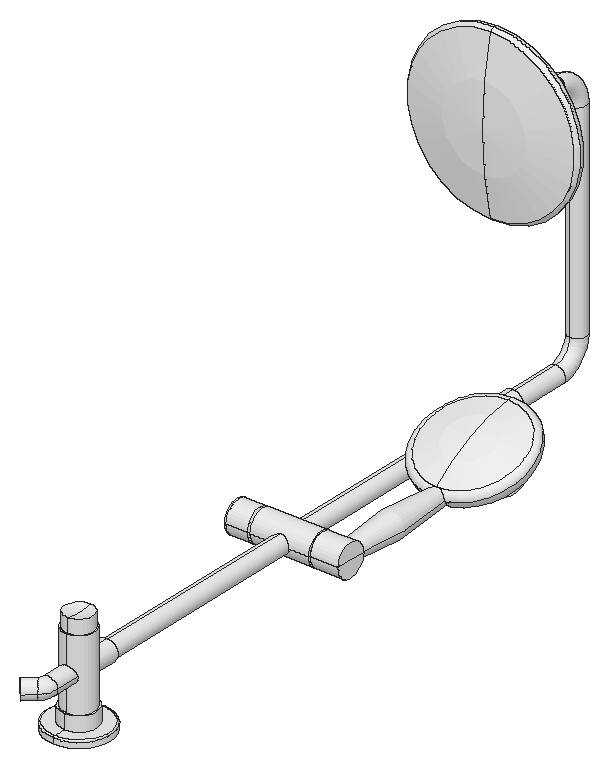
Revit family "Shower_Kit-American_Standard-Spectra_Versa-903X804_Series", category Plumbing Fixtures, host Face, Revit 2014
Parameters (values of type "9035804.002")
  Width = 5 7/16"  # constant formula
  Water Connection Diameter = 1/2"  # constant formula
  Waste Connection = no
  WFU = 4  # constant formula
  Vent Connection = no
  URL = "https://www.americanstandard-us.com/"
  Type Comments = ""
  Product Page URL = ""
  Product Documentation Link = ""
  Price = "Prices may vary. Please consult Manufacturer Representative for most up-to-date price list."  # constant formula
  Model = "9035804.002"
  Material = "Metal-American Standard-002-Polished Chrome"
  Manufacturer = "American Standard"
  Length = 14 7/8"  # constant formula
  Installation Type = "Wall Mounted"
  Hot Water Connection Radius = 1/4"  # constant formula
  Hot Water Connection Diameter = Hot Water Connection Radius * 2  # 1/2"
  Height = 29 15/16"  # constant formula
  HWFU = 3  # constant formula
  HW Connection = yes
  Flow Rate = " "
  Finish = Metal-American Standard-002-Polished Chrome
  Description = "Spectra Versa™ Shower System Kit"  # constant formula
  Default Elevation = 44"  # constant formula
  Creation Date = "08/14/2019"  # constant formula
  Cold Water Connection Radius = 1/4"  # constant formula
  Cold Water Connection Diameter = Cold Water Connection Radius * 2  # 1/2"
  CWFU = 3  # constant formula
  CW Connection = yes
  Bar Height = 24"  # constant formula
  Assembly Code = "D2020300"
  ADA Compliant = yes
Types (3): name | Model
  (no name) | "9035804.002"
  9035804.002 | "9035804.002"
  9038804.002 | "9038804.002"
Reference planes (in)
  plane 1 "Center (Front/Back)": y = 0
  plane 2: z = 0
  plane 3 "Center (Left/Right)": x = 0
  plane 4: y = 29.9375
  plane 5: y = 24
  plane 6: y = 13.3482
  plane 7: y = 11.8482
  plane 8: y = -2.9375
  plane 9: z = 14.875
  plane 10: y = 23.875
Forms (in)
  Revolve 1, solid, material "Metal-American Standard-002-Polished Chrome" <- "Finish"
    sketch origin (0, 0, 0) x (0, 1, 0) y (0, 0, 1)
      loop
        line (0, 0) -> (1.5, 0) -> (1.5, 0.25165)
        arc (1.5, 0.25165) -> (1.48134, 0.29669) -> (1.4363, 0.31535) r 0.0637
        line (1.4363, 0.31535) -> (0.83553, 0.31535) -> (0.83553, 0.99518) -> (0.73966, 0.99518) -> (0.73966, 4.342) -> (0.66122, 4.342) -> (0.66122, 4.99568)
        arc (0.66122, 4.99568) -> (0.33347, 4.9304) -> (0, 4.90852) r 2.55173
        line (0, 4.90852) -> (0, 0)
      axis (0, 4.99568) -> (0, 0)
    angle from 0 to 360
  Revolve 2, solid, material "Metal-American Standard-002-Polished Chrome" <- "Finish"
    sketch origin (0, 0, 0) x (0, 1, 0) y (0, 0, 1)
      loop
        line (24, 0) -> (25.5, 0) -> (25.5, 0.18627)
        arc (25.5, 0.18627) -> (25.48133, 0.23133) -> (25.43627, 0.25) r 0.06373
        line (25.43627, 0.25) -> (24.5, 0.25) -> (24.5, 1.33906) -> (24.43591, 1.33906) -> (24.43591, 2.58906) -> (24, 2.58906) -> (24, 0)
      axis (24, 2.58906) -> (24, 0)
    angle from 0 to 360
  Revolve 3, solid, material "Metal-American Standard-002-Polished Chrome" <- "Finish"
    sketch origin (0, 0, 0) x (0, 1, 0) y (0, 0, 1)
      loop
        line (0, 2.08914) -> (1.6762, 2.08914) -> (1.6762, 2.16937) -> (23.1762, 2.16937) -> (23.1762, 2.07426) -> (25.6762, 2.07426) -> (25.6762, 2.58906) -> (0, 2.58906) -> (0, 2.08914)
      axis (25.6762, 2.58906) -> (0, 2.58906)
    angle from 0 to 360
  Sweep 4, solid, material "Metal-American Standard-002-Polished Chrome" <- "Finish"
    path origin (0, 0, 0) x (0, 1, 0) y (0, 0, 1)
      loop
        line (25.6762, 2.58906) -> (28.25, 2.58906)
        arc (28.25, 2.58906) -> (29.13388, 2.95517) -> (29.5, 3.83906) r 1.25
        line (29.5, 3.83906) -> (29.5, 13.625)
        arc (29.5, 13.625) -> (29.13388, 14.50888) -> (28.25, 14.875) r 1.25
        line (28.25, 14.875) -> (27.90625, 14.875)
    profile origin (0, 26.9631, 2.58906) x (0, 0, 1) y (1, 0, 0)
      loop
        circle (0, 0) r 0.41968
  Revolve 5, solid, material "Metal-American Standard-002-Polished Chrome" <- "Finish"
    sketch origin (0, 0, 2.58906) x (1, 0, 0) y (0, 1, 0)
      loop
        line (1.41485, 13.3482) -> (-1.36158, 13.3482) -> (-1.41957, 13.18886) -> (-1.49387, 13.3482) -> (-2.50233, 13.3482)
        arc (-2.50233, 13.3482) -> (-2.59931, 13.30803) -> (-2.63948, 13.21105) r 0.13714
        line (-2.63948, 13.21105) -> (-2.63948, 12.5982) -> (2.79802, 12.5982) -> (2.79802, 13.3482) -> (1.48605, 13.3482) -> (1.48605, 13.29111) -> (1.41485, 13.29111) -> (1.41485, 13.3482)
      axis (2.79802, 12.5982) -> (-2.63948, 12.5982)
    angle from 0 to 360
  Sweep 6, solid, material "Metal-American Standard-002-Polished Chrome" <- "Finish"
    path origin (0, 0, 0) x (1, 0, 0) y (0, 1, 0)
      loop
        line (0.41968, 0) -> (0.41968, -1.80532)
        arc (0.41968, -1.80532) -> (0.33458, -2.19727) -> (0.0946, -2.51865) r 0.94517
        line (0.0946, -2.51865) -> (-0.38723, -2.9375)
    profile origin (0.41968, -0.90266, 0) x (1, 0, 0) y (0, 0, 1)
      loop
        circle (-0.41968, 2.58906) r 0.41968
  Revolve 7, solid, material "Metal-American Standard-002-Polished Chrome" <- "Finish"
    sketch origin (0, 0, 2.58906) x (1, 0, 0) y (0, 1, 0)
      loop
        line (1.95202, 12.10339) -> (2.30335, 12.10339) -> (2.30335, 19.10339) -> (1.93086, 19.10339)
        arc (1.93086, 19.10339) -> (1.66305, 15.60255) -> (1.95202, 12.10339) r 22.14089
      axis (2.30335, 19.10339) -> (2.30335, 12.10339)
    angle from 0 to 360
  Revolve 8, solid, material "Metal-American Standard-002-Polished Chrome" <- "Finish"
    sketch origin (2.28125, 0.0625, 0) x (0, 1, 0) y (0, 0, 1)
      loop
        arc (22.93576, 4.67042) -> (22.76171, 4.80995) -> (22.5387, 4.81494) r 0.34758
        arc (22.5387, 4.81494) -> (21.37835, 4.60878) -> (20.2619, 4.23136) r 7.85581
        line (20.2619, 4.23136) -> (21.04399, 2.38706)
        arc (21.04399, 2.38706) -> (22.00138, 2.9545) -> (22.77438, 3.75515) r 4.16621
        arc (22.77438, 3.75515) -> (22.96206, 4.19392) -> (22.93576, 4.67042) r 1.04814
      axis (20.2619, 4.23136) -> (21.04399, 2.38706)
    angle from 0 to 360
  Extrusion 9, solid, material "Metal-American Standard-002-Polished Chrome" <- "Finish"
    sketch origin (0, 0, 0) x (1, 0, 0) y (0, 1, 0)
      loop
        circle (-0.34872, 0) r 0.25
      loop
        circle (0.34872, 0) r 0.25
    from 0 to 0.0625
  Revolve 10, solid, material "Metal-American Standard-002-Polished Chrome" <- "Finish"
    sketch origin (0, -2.03125, 0) x (0, 1, 0) y (0, 0, 1)
      loop
        line (29.9375, 15.28981) -> (29.15986, 15.28981) -> (29.15986, 15.37687) -> (28.65986, 15.37687) -> (28.65986, 15.28981) -> (28.40986, 15.28981) -> (28.40986, 15.53981)
        arc (28.40986, 15.53981) -> (27.83923, 15.91119) -> (27.55088, 16.52796) r 1.23935
        arc (27.55088, 16.52796) -> (27.29726, 17.69205) -> (26.91639, 18.82094) r 10.75045
        arc (26.91639, 18.82094) -> (26.79992, 18.93608) -> (26.64197, 18.97937) r 0.3233
        arc (26.64197, 18.97937) -> (26.52813, 18.9187) -> (26.42734, 18.83819) r 0.70047
        arc (26.42734, 18.83819) -> (26.06042, 16.87167) -> (25.9375, 14.875) r 16.27749
        line (25.9375, 14.875) -> (29.9375, 14.875) -> (29.9375, 15.28981)
      axis (29.9375, 14.875) -> (25.9375, 14.875)
    angle from 0 to 360
Lines and regions (in)
  Masking region 1
    outline origin (0, 0, 0) x (1, 0, 0) y (0, 0, 1)
      loop
        line (1.5, 0) -> (1.5, 0.25947)
        arc (1.5, 0.25947) -> (1.48363, 0.29898) -> (1.44411, 0.31535) r 0.05589
        line (1.44411, 0.31535) -> (0.83553, 0.31535) -> (0.83553, 0.99518) -> (0.73966, 0.99518) -> (0.73966, 1.83906) -> (1.41485, 1.83906) -> (1.41485, 1.89615) -> (1.48605, 1.89615) -> (1.48605, 1.83906) -> (2.79802, 1.83906) -> (2.79802, 2.08906)
        arc (2.79802, 2.08906) -> (3.11692, 2.15416) -> (3.4346, 2.22498) r 18.12058
        arc (3.4346, 2.22498) -> (4.07066, 2.47605) -> (4.60612, 2.90135) r 2.32424
        arc (4.60612, 2.90135) -> (4.82655, 3.24682) -> (4.90796, 3.64845) r 1.12007
        arc (4.90796, 3.64845) -> (4.87373, 3.85213) -> (4.76903, 4.03017) r 0.56887
        arc (4.76903, 4.03017) -> (4.37947, 4.36929) -> (3.91122, 4.58724) r 1.84621
        arc (3.91122, 4.58724) -> (2.28622, 4.82891) -> (0.66122, 4.58724) r 5.58403
        line (0.66122, 4.58724) -> (0.66122, 4.99568) -> (0.42316, 4.99568) -> (0.42316, 10.79694)
        arc (0.42316, 10.79694) -> (0, 18.97496) -> (-0.42316, 10.79694) r 4.09996
        line (-0.42316, 10.79694) -> (-0.42316, 4.99568) -> (-0.66122, 4.99568) -> (-0.66122, 4.342) -> (-0.73966, 4.342) -> (-0.73966, 3.33906) -> (-1.36158, 3.33906) -> (-1.41957, 3.17972) -> (-1.49387, 3.33906) -> (-2.50338, 3.33906)
        arc (-2.50338, 3.33906) -> (-2.59875, 3.29955) -> (-2.63826, 3.20417) r 0.13488
        line (-2.63826, 3.20417) -> (-2.63826, 1.97557)
        arc (-2.63826, 1.97557) -> (-2.59828, 1.87904) -> (-2.50174, 1.83906) r 0.13652
        line (-2.50174, 1.83906) -> (-1.49387, 1.83906) -> (-1.41957, 1.9984) -> (-1.36158, 1.83906) -> (-0.73966, 1.83906) -> (-0.73966, 0.99518) -> (-0.83553, 0.99518) -> (-0.83553, 0.31535) -> (-1.44411, 0.31535)
        arc (-1.44411, 0.31535) -> (-1.48363, 0.29898) -> (-1.5, 0.25947) r 0.05589
        line (-1.5, 0.25947) -> (-1.5, 0) -> (1.5, 0)
  symbolic lines, detail levels medium+fine
    curve 1: line (0.43591, 0, 1.33906) -> (0.43591, 0, 2.31519)
    curve 2: line (0.43591, 0, 1.33906) -> (0.5, 0, 1.33906)
    curve 3: line (0.5, 0, 1.33906) -> (0.5, 0, 0.25)
    curve 4: line (0.5, 0, 0.25) -> (1.5, 0, 0.25)
    curve 5: line (0.41968, 0, 2.88718) -> (0.41968, 0, 4.99568)
    curve 6: arc (0.43591, 0, 2.31519) -> (0.51459, 0, 2.60365) -> (0.41968, 0, 2.88718) r 0.5148
    curve 7: line (-0.43591, 0, 1.33906) -> (-0.43591, 0, 2.31519)
    curve 8: line (-0.43591, 0, 1.33906) -> (-0.5, 0, 1.33906)
    curve 9: line (-0.5, 0, 1.33906) -> (-0.5, 0, 0.25)
    curve 10: line (-0.5, 0, 0.25) -> (-1.5, 0, 0.25)
    curve 11: line (-0.41968, 0, 2.88718) -> (-0.41968, 0, 4.99568)
    curve 12: arc (-0.43591, 0, 2.31519) -> (-0.51459, 0, 2.60365) -> (-0.41968, 0, 2.88718) r 0.5148
    curve 13: arc (0.66122, 0, 4.58724) -> (0.54011, 0, 4.54423) -> (0.41968, 0, 4.49933) r 8.20338
    curve 14: arc (2.79802, 0, 2.08906) -> (2.74517, 0, 2.08267) -> (2.69223, 0, 2.07697) r 4.09924
    curve 15: arc (2.69223, 0, 2.07697) -> (2.30852, 0, 1.94761) -> (1.92308, 0, 2.07174) r 0.64682
    curve 17: arc (1.92308, 0, 2.07174) -> (1.19335, 0, 2.20281) -> (0.49917, 0, 2.46317) r 4.09924
  symbolic lines, detail levels fine
    curve 16: arc (2.69223, 0, 2.07697) -> (2.30778, 0, 2.05628) -> (1.92308, 0, 2.07174) r 4.09924
    curve 18: line (-0.73966, 0, 3.33906) -> (-0.41968, 0, 3.33906)
    curve 19: line (-0.73966, 0, 1.83906) -> (-0.43591, 0, 1.83906)
    curve 20: line (0.73966, 0, 1.83906) -> (0.43591, 0, 1.83906)
    curve 21: line (0.83553, 0, 0.31535) -> (0.5, 0, 0.31535)
    curve 22: line (0.73966, 0, 0.99518) -> (0.5, 0, 0.99518)
    curve 23: line (0.43591, 0, 1.33906) -> (-0.43591, 0, 1.33906)
    curve 24: line (0.5, 0, 0.25) -> (-0.5, 0, 0.25)
    curve 25: line (-1.41957, 0, 1.9984) -> (-1.41957, 0, 3.17972)
    curve 26: line (-1.36158, 0, 3.33906) -> (-1.36158, 0, 1.83906)
    curve 27: line (-1.49387, 0, 1.83906) -> (-1.49387, 0, 3.33906)
    curve 28: line (1.41485, 0, 1.89615) -> (1.41485, 0, 2.1485)
    curve 29: line (1.48605, 0, 1.89615) -> (1.48605, 0, 2.13379)
    curve 30: line (-0.66122, 0, 4.342) -> (-0.41968, 0, 4.342)
    curve 31: line (0.41968, 0, 2.88718) -> (0.41968, 0, 2.58906)
    curve 32: line (-0.41968, 0, 2.88718) -> (-0.41968, 0, 2.58906)
    curve 33: arc (-0.41968, 0, 2.58906) -> (0, 0, 2.16937) -> (0.41968, 0, 2.58906) r 0.41968
    curve 34: arc (0.43591, 0, 2.31519) -> (0, 0, 2.07426) -> (-0.43591, 0, 2.31519) r 0.5148
    curve 35: line (0.42316, 0, 5.76904) -> (0.42316, 0, 6.58896)
    curve 36: line (-0.42316, 0, 5.76904) -> (-0.42316, 0, 6.58896)
    curve 37: line (0.42316, 0, 10.79694) -> (0.42316, 0, 14.87395)
    curve 38: line (-0.42316, 0, 10.79694) -> (-0.42316, 0, 14.87395)
    curve 39: arc (-0.42316, 0, 14.87395) -> (0, 0, 15.29712) -> (0.42316, 0, 14.87395) r 0.42316
    curve 40: arc (0.42316, 0, 14.60517) -> (0, 0, 15.37687) -> (-0.42316, 0, 14.60517) r 0.50187
    curve 41: arc (-0.42316, 0, 14.36226) -> (0, 0, 15.53981) -> (0.42316, 0, 14.36226) r 0.66481
Dimensions and locks (in)
  "Bar Height": plane 5 to plane 1 "Center (Front/Back)"
  "Height": plane 4 to plane 1 "Center (Front/Back)"
  locked: Revolve 1 sketch curve to plane 1 "Center (Front/Back)" at 0.66122
  locked: Revolve 1 sketch curve to plane 1 "Center (Front/Back)" at 0.73966
  locked: Revolve 1 sketch curve to plane 1 "Center (Front/Back)" at 0.83553
  locked: Revolve 1 sketch curve to plane 1 "Center (Front/Back)" at 1.5
  locked: Revolve 2 sketch curve to plane 5 at 1.5
  locked: Revolve 2 sketch curve to plane 5 at 0.5
  locked: Revolve 2 sketch curve to plane 5 at 0.43591
  locked: Revolve 2 sketch curve to level at 2.58906
  locked: Revolve 2 sketch curve to level at 1.33906
  locked: Revolve 2 sketch curve to level at 0.25
  locked: Revolve 3 sketch curve to Revolve 3 sketch curve at 0.5148
  locked: Revolve 3 sketch curve to Revolve 3 sketch curve at 0.41968
  locked: Revolve 3 sketch curve to Revolve 3 sketch curve at 0.49991
  locked: plane 5 to Revolve 3 sketch curve at 0.8238
  locked: Revolve 3 sketch curve to Revolve 3 sketch curve at 2.5
  locked: Revolve 3 sketch curve to plane 1 "Center (Front/Back)" at 1.6762
  locked: plane 1 "Center (Front/Back)" to plane 6 at 13.3482
  locked: plane 7 to plane 6 at 1.5
  locked: plane 6 to Revolve 5 sketch curve at 0.05709
  locked: plane 6 to Revolve 5 sketch curve at 0.75
  locked: plane 8 to plane 1 "Center (Front/Back)" at 2.9375
  locked: plane 3 "Center (Left/Right)" to Sweep 6 sketch curve at 0.41968
  locked: Sweep 6 sketch curve to plane 3 "Center (Left/Right)" at 0.38723
  locked: plane 3 "Center (Left/Right)" to Sweep 6 sketch curve at 0.0946
  locked: plane 8 to Sweep 6 sketch curve at 0.41885
  locked: Revolve 8 sketch curve to plane 1 "Center (Front/Back)" at 20.3244
  locked: Revolve 8 sketch curve to plane 1 "Center (Front/Back)" at 22.6012
  locked: Revolve 8 sketch curve to plane 1 "Center (Front/Back)" at 22.99826
  Revolve 8 sketch curve to plane 1 "Center (Front/Back)" = 22.83688"
  locked: Revolve 8 sketch curve to plane 1 "Center (Front/Back)" at 21.10649
  locked: plane 9 to level at 14.875
  radius of Sweep 6 sketch curve = 0.94517"
  aligned and locked: plane 2 to host face
  aligned and locked: level to host face
  aligned and locked: plane 1 "Center (Front/Back)" to Revolve 1 sketch curve
  aligned and locked: Revolve 1 sketch curve to plane 1 "Center (Front/Back)"
  aligned and locked: level to Revolve 1 sketch curve
  aligned and locked: plane 5 to Revolve 2 sketch curve
  aligned and locked: level to Revolve 2 sketch curve
  aligned and locked: Revolve 2 sketch curve to plane 5
  aligned and locked: Revolve 3 sketch curve to Revolve 2
  aligned and locked: Revolve 3 sketch curve to plane 1 "Center (Front/Back)"
  aligned and locked: Revolve 3 sketch curve to Revolve 3 sketch curve
  aligned and locked: Revolve 3 to Sweep 4 sketch curve
  aligned and locked: Revolve 2 to Sweep 4 sketch curve
  aligned and locked: Sweep 4 sketch curve to Revolve 3
  aligned and locked: Revolve 5 sketch curve to Revolve 5 sketch curve
  aligned and locked: Revolve 5 to Revolve 2
  aligned and locked: plane 6 to Revolve 5 sketch curve  (x3)
  aligned and locked: plane 1 "Center (Front/Back)" to Sweep 6 sketch curve
  aligned and locked: plane 8 to Sweep 6 sketch curve
  aligned and locked: Sweep 6 sketch curve to Sweep 4
  aligned and locked: Revolve 8 sketch curve to Revolve 8 sketch curve
  aligned and locked: Revolve 10 sketch curve to Revolve 10 sketch curve
Automatic sketch dimensions
  host sketch curve to host sketch curve = 95.39829"
  host sketch curve to host sketch curve = 96"
  Revolve 1 sketch curve to Revolve 1 sketch curve = 0.0637"
  level to Revolve 1 sketch curve = 0.25165"
  Revolve 1 sketch curve to Revolve 1 sketch curve = 0.67982"
  Revolve 1 sketch curve to Revolve 1 sketch curve = 0.56652"
  Revolve 1 sketch curve to Revolve 1 sketch curve = 0.65368"
  Revolve 1 sketch curve to Revolve 1 sketch curve = 0.38175"
  Revolve 1 sketch curve to Revolve 1 sketch curve = 1"
  Revolve 2 sketch curve to Revolve 2 sketch curve = 0.06373"
  Revolve 2 sketch curve to Revolve 2 sketch curve = 1/2"
  Revolve 2 sketch curve to Revolve 2 sketch curve = 1/4"
  plane 7 to Revolve 3 sketch curve = 2.0982"
  Revolve 3 sketch curve to plane 7 = 0.4018"
  Revolve 5 sketch curve to plane 3 "Center (Left/Right)" = 2.63948"
  Revolve 5 sketch curve to Revolve 5 sketch curve = 0.13714"
  Revolve 5 sketch curve to Revolve 5 sketch curve = 1.00846"
  Revolve 5 sketch curve to plane 6 = 0.15934"
  Revolve 5 sketch curve to Revolve 5 sketch curve = 0.0743"
  Revolve 5 sketch curve to Revolve 5 sketch curve = 0.1323"
  plane 3 "Center (Left/Right)" to Revolve 5 sketch curve = 1.41485"
  Revolve 5 sketch curve to Revolve 5 sketch curve = 0.0712"
  Revolve 5 sketch curve to Revolve 5 sketch curve = 1.31197"
  Revolve 5 sketch curve to Revolve 5 sketch curve = 0.60757"
  Revolve 5 sketch curve to Revolve 5 sketch curve = 0.27543"
  plane 3 "Center (Left/Right)" to Revolve 7 sketch curve = 1.93086"
  Revolve 7 sketch curve to plane 7 = 0.25519"
  plane 3 "Center (Left/Right)" to Revolve 7 sketch curve = 1.95202"
  Revolve 7 sketch curve to Revolve 7 sketch curve = 0.37248"
  plane 6 to Revolve 7 sketch curve = 2.32127"
  Revolve 7 sketch curve to Revolve 7 sketch curve = 21.50049"
  plane 3 "Center (Left/Right)" to Revolve 7 sketch curve = 2.30335"
  Revolve 7 sketch curve to Revolve 7 sketch curve = 2 1/2"
  Revolve 7 sketch curve to Revolve 7 sketch curve = 1"
  Revolve 8 sketch curve to Revolve 8 sketch curve = 0.84442"
  Revolve 8 sketch curve to Revolve 8 sketch curve = 0.60886"
  Revolve 8 sketch curve to Revolve 8 sketch curve = 0.10414"
  Revolve 8 sketch curve to plane 10 = 0.48364"
  Revolve 8 sketch curve to Revolve 8 sketch curve = 0.1074"
  Revolve 8 sketch curve to level = 3.00103"
  plane 1 "Center (Front/Back)" to Extrusion 9 sketch curve = 0"  (x2)
  Extrusion 9 sketch curve to plane 3 "Center (Left/Right)" = 0.34872"
  plane 3 "Center (Left/Right)" to Extrusion 9 sketch curve = 0.34872"
  Revolve 10 sketch curve to plane 9 = 0"  (x2)
  Revolve 10 sketch curve to plane 9 = 0.04997"
  plane 6 to Revolve 10 sketch curve = 1.55672"
  plane 10 to Revolve 10 sketch curve = 1/32"
  plane 5 to Revolve 10 sketch curve = 0.60702"
  Revolve 10 sketch curve to Revolve 10 sketch curve = 0.27481"
  plane 9 to Revolve 10 sketch curve = 0.66481"
  Revolve 10 sketch curve to Revolve 10 sketch curve = 1/4"
  Revolve 10 sketch curve to Revolve 10 sketch curve = 0.36472"
  Revolve 10 sketch curve to Revolve 10 sketch curve = 1/2"
  Revolve 10 sketch curve to Revolve 10 sketch curve = 0.77764"
  Revolve 10 sketch curve to Revolve 10 sketch curve = 0.41481"
  Revolve 10 sketch curve to Revolve 10 sketch curve = 0.08706"
  Revolve 10 sketch curve to Revolve 10 sketch curve = 1.18447"
  Revolve 10 sketch curve to Revolve 10 sketch curve = 1.60922"
  Revolve 10 sketch curve to Revolve 10 sketch curve = 0.32259"
  Revolve 10 sketch curve to plane 10 = 3.24639"
  Revolve 10 sketch curve to Revolve 10 sketch curve = 1"
  Revolve 10 sketch curve to Revolve 10 sketch curve = 27/128"
  Revolve 10 sketch curve to Revolve 10 sketch curve = 0.21463"
  Revolve 10 sketch curve to Revolve 10 sketch curve = 0.27442"
  Revolve 10 sketch curve to Revolve 10 sketch curve = 1.2237"
  Revolve 10 sketch curve to Revolve 10 sketch curve = 0"
  Sweep 4 sketch curve to plane 9 = 0"
  Sweep 4 sketch curve to plane 4 = 7/16"
  Sweep 4 sketch curve to Sweep 4 sketch curve = 1 1/4"
  Sweep 4 sketch curve to plane 4 = 1 11/16"
  Sweep 4 sketch curve to Sweep 4 sketch curve = 11/32"
  Revolve 1 sketch curve to Revolve 1 sketch curve = 3.34682"
  level to Revolve 8 sketch curve = 2.38706"
  Revolve 8 sketch curve to Revolve 8 sketch curve = 1.84431"
  Revolve 8 sketch curve to Revolve 8 sketch curve = 0.43901"
  Revolve 8 sketch curve to Revolve 8 sketch curve = 0"
  Revolve 8 sketch curve to Revolve 8 sketch curve = 0.25266"
  Masking region 1 sketch curve to level = 0"
  Masking region 1 sketch curve to plane 3 "Center (Left/Right)" = 0"
  Masking region 1 sketch curve to plane 9 = 0"
  Masking region 1 sketch curve to plane 3 "Center (Left/Right)" = 0.42316"
  Masking region 1 sketch curve to plane 3 "Center (Left/Right)" = 0.66122"
  Masking region 1 sketch curve to plane 3 "Center (Left/Right)" = 0.6668"
  Masking region 1 sketch curve to plane 3 "Center (Left/Right)" = 0.73966"  (x2)
  level to Masking region 1 sketch curve = 0.31535"  (x2)
  Masking region 1 sketch curve to Masking region 1 sketch curve = 0.09587"  (x2)
  Masking region 1 sketch curve to Masking region 1 sketch curve = 0.62192"  (x2)
  Masking region 1 sketch curve to Masking region 1 sketch curve = 0.058"  (x2)
  Masking region 1 sketch curve to Masking region 1 sketch curve = 0.60859"  (x2)
  Masking region 1 sketch curve to Masking region 1 sketch curve = 0.1323"  (x2)
  Masking region 1 sketch curve to Masking region 1 sketch curve = 0.05589"  (x2)
  Masking region 1 sketch curve to Masking region 1 sketch curve = 1.00787"
  Masking region 1 sketch curve to Masking region 1 sketch curve = 1.0095"
  Masking region 1 sketch curve to Masking region 1 sketch curve = 0.13488"
  plane 3 "Center (Left/Right)" to Masking region 1 sketch curve = 0.42316"
  Masking region 1 sketch curve to Masking region 1 sketch curve = 0.23805"
  plane 3 "Center (Left/Right)" to Masking region 1 sketch curve = 0.73966"
  Masking region 1 sketch curve to Masking region 1 sketch curve = 0.67519"
  Masking region 1 sketch curve to Masking region 1 sketch curve = 0.0712"
  Masking region 1 sketch curve to Masking region 1 sketch curve = 0.78622"
  Masking region 1 sketch curve to Masking region 1 sketch curve = 1.31197"
  Masking region 1 sketch curve to Masking region 1 sketch curve = 2.24732"
  Masking region 1 sketch curve to Masking region 1 sketch curve = 0.57593"
  Masking region 1 sketch curve to Masking region 1 sketch curve = 0.41408"
  Masking region 1 sketch curve to Masking region 1 sketch curve = 0.55113"
  Masking region 1 sketch curve to level = 0.75511"
  Masking region 1 sketch curve to Masking region 1 sketch curve = 0.67982"  (x2)
  Masking region 1 sketch curve to Masking region 1 sketch curve = 0.84388"  (x2)
  Masking region 1 sketch curve to Masking region 1 sketch curve = 0"  (x8)
  Masking region 1 sketch curve to Masking region 1 sketch curve = 0.05709"
  Masking region 1 sketch curve to Masking region 1 sketch curve = 0.15934"
  Masking region 1 sketch curve to Masking region 1 sketch curve = 1/4"
  Masking region 1 sketch curve to Masking region 1 sketch curve = 0.73187"
  Masking region 1 sketch curve to Masking region 1 sketch curve = 1.18132"
  Masking region 1 sketch curve to Masking region 1 sketch curve = 0.02446"
  Masking region 1 sketch curve to Masking region 1 sketch curve = 0.83664"
  Masking region 1 sketch curve to Masking region 1 sketch curve = 0.00883"
  Masking region 1 sketch curve to Masking region 1 sketch curve = 1.00294"
  Masking region 1 sketch curve to Masking region 1 sketch curve = 0.82249"
  Masking region 1 sketch curve to Masking region 1 sketch curve = 0.24524"
  Masking region 1 sketch curve to Masking region 1 sketch curve = 0.40844"
  Masking region 1 sketch curve to Masking region 1 sketch curve = 0.65368"
  plane 9 to Masking region 1 sketch curve = 5.0003"
  curve 6 to curve 12 = 0"
  curve 6 to curve 33 = 0"
  curve 6 to curve 34 = 0"  (x2)
  curve 12 to curve 33 = 0"
  curve 14 to curve 16 = 0"  (x2)
  curve 14 to curve 17 = 0"  (x2)
  curve 33 to curve 34 = 0"
  curve 40 to curve 41 = 0"  (x2)
  curve 6 to plane 3 "Center (Left/Right)" = 0"
  curve 39 to plane 3 "Center (Left/Right)" = 0"
  curve 40 to plane 3 "Center (Left/Right)" = 0"
  curve 40 to plane 9 = 0"
  curve 32 to plane 3 "Center (Left/Right)" = 0.41968"
  curve 38 to plane 9 = 0.00105"
  curve 38 to curve 39 = 0.42316"
  curve 23 to plane 3 "Center (Left/Right)" = 0.43591"
  level to curve 10 = 1/4"
  curve 10 to plane 3 "Center (Left/Right)" = 1/2"
  plane 3 "Center (Left/Right)" to curve 2 = 0.43591"
  plane 3 "Center (Left/Right)" to curve 3 = 1/2"
  curve 5 to curve 14 = 1.86023"
  curve 31 to curve 15 = 1.88444"
  plane 3 "Center (Left/Right)" to curve 13 = 3.34583"
  curve 13 to level = 3.16442"
  curve 9 to curve 7 = 1.08906"
  curve 1 to curve 1 = 0.97614"
  curve 1 to curve 31 = 0.27386"
  curve 31 to curve 15 = 0.00536"
  curve 15 to curve 17 = 3.56101"
  curve 36 to plane 3 "Center (Left/Right)" = 0.42316"
  curve 30 to curve 30 = 0.24153"
  curve 18 to curve 18 = 0.31997"
  curve 19 to curve 19 = 0.30375"
  curve 26 to curve 19 = 0.62192"
  curve 25 to curve 26 = 0.058"
  curve 27 to curve 26 = 0.1323"
  curve 10 to curve 9 = 1"
  plane 3 "Center (Left/Right)" to curve 35 = 0.42316"
  curve 33 to curve 17 = 0.07948"
  curve 13 to curve 13 = 0.24153"
  curve 22 to curve 22 = 0.23966"
  curve 20 to curve 20 = 0.30375"
  curve 21 to curve 21 = 0.33553"
  curve 20 to curve 28 = 0.67519"
  curve 28 to curve 29 = 0.0712"
  curve 21 to curve 4 = 0.66447"
  curve 29 to curve 16 = 0.43703"
  curve 15 to curve 14 = 0.10579"
  curve 3 to curve 21 = 0.06535"
  curve 22 to curve 2 = 0.34388"
  curve 8 to curve 27 = 1/2"
  curve 8 to curve 19 = 1/2"
  curve 20 to curve 6 = 0.47614"
  curve 26 to curve 27 = 0"
  curve 29 to curve 29 = 0.23764"
  curve 28 to curve 29 = 0"
  curve 26 to curve 25 = 0.15934"
  curve 12 to curve 25 = 0.29253"
  curve 12 to curve 18 = 0.45187"
  curve 25 to curve 26 = 0.15934"
  curve 27 to curve 26 = 0"
  curve 18 to curve 30 = 1.00294"
  curve 30 to curve 13 = 0.15733"
  curve 13 to curve 5 = 0.40844"
  curve 30 to curve 11 = 0.65368"
  curve 5 to curve 35 = 0.77336"
  curve 11 to curve 36 = 0.77336"
  curve 36 to curve 36 = 0.81992"
  curve 35 to curve 35 = 0.81992"
  curve 38 to curve 39 = 4.07702"
  curve 37 to curve 38 = 0"
  curve 41 to curve 39 = 0.51169"
  curve 41 to curve 40 = 0.24291"
  radius of Extrusion 9 sketch curve = 1/4"  (x2)
  radius of Masking region 1 sketch curve = 4.09996"
Connectors (in)
  piping at (-0.34872, 0, 0), diameter 0.5, driven by "HWFU", driven by "Hot Water Connection Diameter"
    settings: on Extrusion 9, index 1, connector inside diameter 24", connector length 0", flow factor 0, pipe flow 0 GPM, pressure drop 0.00 psi, fitting loss kfactor 0, connector angle 0.00°, fixture units 3, engagement length 0", angle of deflection 0.00°, flow configuration 3, flow direction 1, fitting loss method 0, system type 19, joint type 0, gender type 0, connector reference index -1, connector utility 0, adjustable connector no, is connector primary yes, connector description "1/2\" HW Inlet"
  piping at (0.34872, 0, 0), diameter 0.5, driven by "CWFU", driven by "Cold Water Connection Diameter"
    settings: on Extrusion 9, index 2, connector inside diameter 24", connector length 0", flow factor 0, pipe flow 0 GPM, pressure drop 0.00 psi, fitting loss kfactor 0, connector angle 0.00°, fixture units 3, engagement length 0", angle of deflection 0.00°, flow configuration 3, flow direction 1, fitting loss method 0, system type 20, joint type 0, gender type 0, connector reference index -1, connector utility 0, adjustable connector no, is connector primary no, connector description "1/2\" CW Inlet"
  piping at (0, 24, 0), diameter 0.5, driven by "Water Connection Diameter"
    settings: on Revolve 2, index 3, connector inside diameter 24", connector length 0", flow factor 0, pipe flow 0 GPM, pressure drop 0.00 psi, fitting loss kfactor 0, connector angle 0.00°, fixture units 0, engagement length 0", angle of deflection 0.00°, flow configuration 0, flow direction 1, fitting loss method 0, system type 29, joint type 0, gender type 0, connector reference index -1, connector utility 0, adjustable connector no, is connector primary no, connector description "1/2\" Supply Inlet"
